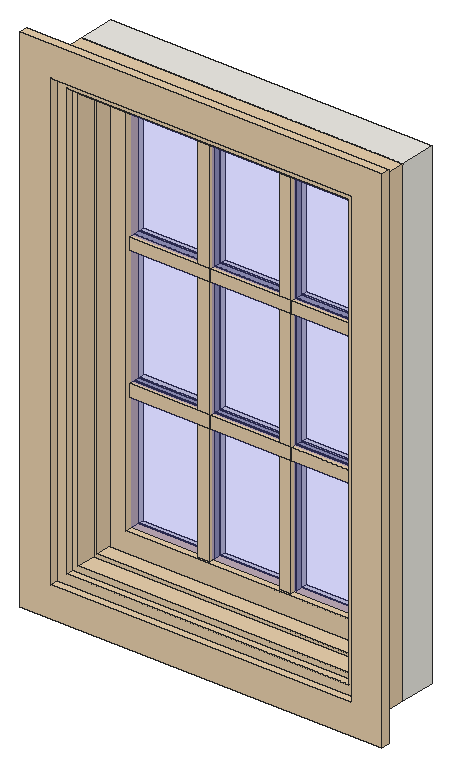
Revit family "Window-Picture-Andersen-A_Series 2", category Windows, host Wall, Revit 2013
Parameters (values of type "71-1/4" x 95-1/4"")
  Visual Light Transmittance = 0.49  # constant formula
  Thermal Resistance (R) = 0.65161  # 3.7000 (h·ft²·°F)/BTU
  TFL = if(Fractional Lights High > 5, 3, if(or(Fractional Lights High = 4, Fractional Lights High = 5), 2, if(or(Fractional Lights High = 2, Fractional Lights High = 3), 1, 1)))  # 3
  TFB = TFL - 1  # 2
  Solar Heat Gain Coefficient = 0.21  # constant formula
  Learn About These Parameters = "http://www.andersenwindows.com/for-professionals/cad-symbols-bim-support-window-doors/bim-support"
  LWide = if(Enter Pattern Number = 3, 3, if(Enter Pattern Number = 1, . . Lights Wide, Fractional Lights Wide))  # 3
  Heat Transfer Coefficient (U) = 1.5331  # 0.2700 BTU/(h·ft²·°F)
  Glazing Material = Glass ‐ Andersen - Low-E4 SmartSun
  Fractional Lights Wide = 7
  Fractional Lights High = 7
  Exterior Unit Finish = Fiberglass - Andersen - White
  Available Grille Bar Sizes = "3/4'', 7/8'', 1 1/8'', 2 1/4''"  # constant formula
  Between Glass Grille Bar Sizes = "3/4'', 1''"  # constant formula
  Interior Casing = yes
  Grille Bar Size = 0' - 0 7/8"
  Enter Pattern Number = 1
  Analytic Construction = "<None>"
  ..Pattern Number 1 = "Colonial"  # constant formula
  . . Lights Wide = 3
  . . Lights High = 3
  ..Pattern Number 2 = "Modified Colonial"  # constant formula
  ..Pattern Number 3 = "Prairie"  # constant formula
  ..Pattern Number 4 = "Short Fractional"  # constant formula
  ..Pattern Number 5 = "Tall Fractional"  # constant formula
  Extension Jamb = yes
  Enter Exterior Trim Number = 0
  ..Exterior Trim Number 0 = "No Exterior Trim"  # constant formula
  ..Exterior Trim Number 1 = "Brick Mould"  # constant formula
  ..Exterior Trim Number 2 = "3 1/2'' Flat Casing"  # constant formula
  ..Exterior Trim Number 3 = "4 1/2'' Flat Casing"  # constant formula
  Interior Grille Bar = yes
  Exterior Grille Bar = yes
  Between Glass Grille Bar = yes
  xjamb Visibility [instance] = and(Wall Depth > 0' 4 9/16", Extension Jamb)  # no
  xjamb S1 [instance] = if(Wall Depth > 0' 4 9/16", Wall Depth - 0' 4 9/16", 0' 3")  # 0' - 3"
  sill nose1 = 0' - 1 13/16"  # constant formula
  sill nose 2 = 0' - 1 15/16"  # constant formula
  casingS2 = if(Enter Exterior Trim Number = 1, 0' 0 3/16", 0' 0 3/16")  # 0' - 0 3/16"
  casingS1 = if(Enter Exterior Trim Number = 1, 0' 0 7/16", 0' 0 3/16")  # 0' - 0 3/16"
  casing4 = if(Enter Exterior Trim Number = 1, 0' 1 3/4", if(Enter Exterior Trim Number = 2, 0' 3 1/4", 0' 4 1/4"))  # 0' - 4 1/4"
  casing3 = 0' - 0 1/2"  # constant formula
  casing2 = 0' - 0 7/8"  # constant formula
  casing1 = 0' - 0 1/4"  # constant formula
  Xjamb 2 = 0' - 0 1/32"
  Xjamb 1 = 0' - 0 23/32"
  Wall Thickness [instance] = 0' - 8"
  Wall Depth [instance] = 0' - 4 9/16"
  Void Offset 2 = if(Enter Exterior Trim Number > 0, 0' 1 15/16", 0' 0")  # 0' - 0"
  Void Offset 1 = if(Enter Exterior Trim Number > 0, casing4, 0' 0")  # 0' - 0"
  Void Depth [instance] = if(Wall Thickness > Wall Depth, 0' 1" + Wall Thickness - Wall Depth, 0' 1")  # 0' - 4 7/16"
  VGB DLO = if(Enter Pattern Number = 3, 0' 4", (H DLO - (Grille Bar Size * (V Bars))) / if(LWide > 2, LWide, 3))  # 0' - 5.20833"
  V Bars = if(Enter Pattern Number = 3, 2, if(LWide > 2, LWide - 1, 2))  # 2
  URL = "www.andersenwindows.com"
  Type Comments = "Fibrex clad wood picture window"
  TS V DLO = Height - HGO - SGO  # 2' - 4 147/256"
  TS V Bar Length = if(or(Enter Pattern Number = 5, Enter Pattern Number = 2), ((((Height - HGO - SGO - (Grille Bar Size * (Fractional Lights High - 1))) / Fractional Lights High)) * TFL) + (TFB * Grille Bar Size), if(Enter Pattern Number = 4, ((Height - HGO - SGO - (Grille Bar Size * (Fractional Lights High - 1))) / Fractional Lights High), Height - HGO - SGO))  # 2' - 4 147/256"
  TS SH DLO = if(or(Enter Pattern Number = 5, Enter Pattern Number = 2), ((((Height - HGO - SGO - (Grille Bar Size * (Fractional Lights High - 1))) / Fractional Lights High)) * TFL) + (TFB * Grille Bar Size) + HGO + (Grille Bar Size / 2), if(Enter Pattern Number = 4, TS V Bar Length + HGO + (Grille Bar Size / 2), (TS V DLO / 2) + HGO))  # 1' - 5.59961"
  TS S V = or(and(LWide = 2, Enter Pattern Number = 1), and(Fractional Lights Wide = 2, or(or(Enter Pattern Number = 2, Enter Pattern Number = 4), Enter Pattern Number = 5)))  # no
  TS S H Craftsman = and(Enter Pattern Number = 2, or(Fractional Lights High = 4, Fractional Lights High = 5))  # no
  TS S H = or(or(or(and(. . Lights High = 2, Enter Pattern Number = 1), and(Enter Pattern Number = 4, Fractional Lights High > 1)), and(Enter Pattern Number = 5, Fractional Lights High > 1)), and(Enter Pattern Number = 2, Fractional Lights High > 1))  # no
  TS M V = LWide > 2  # yes
  TS M H = or(or(Enter Pattern Number = 3, and(. . Lights High > 2, Enter Pattern Number = 1)), and(Enter Pattern Number = 2, Fractional Lights High > 5))  # yes
  TS HGB DLO = if(Enter Pattern Number = 1, if(. . Lights High > 2, ((TS V Bar Length - (Grille Bar Size * (. . Lights High - 1))) / . . Lights High), 0' 4"), if(Enter Pattern Number = 3, 0' 4", if(Fractional Lights High > 2, ((TS V Bar Length - (Grille Bar Size * 2)) / 3), 0' 4")))  # 0' - 8 241/256"
  TS H Bars = if(Enter Pattern Number = 3, 2, if(Enter Pattern Number = 1, if(. . Lights High > 2, . . Lights High - 1, 2), 2))  # 2
  SGO = 0' - 4 29/256"  # constant formula
  Rough Width = Width + (Rough Opening Offset * 2)  # 2' - 0 3/4"
  Rough Opening Offset = 0' - 0 3/8"
  Rough Height = Height + (Rough Opening Offset * 2)  # 3' - 0 3/4"
  Product Documentation Link = "http://www.andersenwindows.com/products/a-series-picture-window/"
  Plan Exterior Mask Visibility [instance] = Plan Exterior Mask 2 > 0' 0 1/32"  # yes
  Plan Exterior Mask 2 [instance] = if(Enter Exterior Trim Number > 0, if(Wall Depth + 0' 1 1/16" + casingS1 > Wall Thickness, 0' 0 1/32", Wall Thickness - Wall Depth - 0' 1 1/16" - casingS1), if(Wall Depth + 0' 1 1/16" > Wall Thickness, 0' 0 1/32", Wall Thickness - Wall Depth - 0' 0 1/16"))  # 0' - 3 3/8"
  Plan Exterior Mask [instance] = if(Enter Exterior Trim Number > 0, 0' 1 1/16" + casingS1, 0' 1 1/16")  # 0' - 1 1/16"
  Nail Fin Visibility = Enter Exterior Trim Number = 0  # yes
  Model = "A-Series Picture Window"  # constant formula
  Masonry Width = if(Enter Exterior Trim Number > 0, Width + ((casing4 + Masonry Opening Offset) * 2), Width + (Masonry Opening Offset * 2))  # 2' - 0 3/4"
  Masonry Opening Offset = 0' - 0 3/8"
  Masonry Height = if(Enter Exterior Trim Number > 0, Height + (casing4 + Masonry Opening Offset) + (sill nose 2 + Masonry Opening Offset), Height + (Masonry Opening Offset * 2))  # 3' - 0 3/4"
  Manufacturer = "Andersen Corporation"  # constant formula
  JGO = 0' - 3 5/16"  # constant formula
  Interior Trim Visibility = Interior Casing  # yes
  Interior Material = Wood - Andersen - Pine
  Interior Casing Size = 0' - 2 1/4"
  Horizontal Craftsman Bar Size = Grille Bar Size  # 0' - 0 7/8"
  Height = 3' - 0"
  HGO = 0' - 3 5/16"  # constant formula
  H DLO = Width - (JGO * 2)  # 1' - 5 3/8"
  Family Version = "01.01.15"  # constant formula
  Exterior Trim Finish = Fibrex Composite - Andersen - White
  Designation = "APW6080"
  Description = "Composite-clad wood picture window"  # constant formula
  Default Sill Height = 6' 10 1/2" - Rough Height  # 3' - 9 3/4"
  Wall Closure = By host
  Width = 2' - 0"
  Coarse Plan [instance] = if(Wall Depth < Wall Thickness, Wall Depth, Wall Thickness)  # 0' - 4 9/16"
  Casing Visibility = Enter Exterior Trim Number > 0  # no
  Between Glass Grille Bar Finish = Stainless Steel - Andersen - Standard
  Bar Center Line = if(Enter Pattern Number = 3, 1, 2)  # 2
  Assembly Code = "B2020100"
Reference planes (in)
  plane 1 "Center (Front/Back)": y = 0
  plane 2: z = 0
  plane 3 "Center (Left/Right)": x = 0
  plane 4 "R Frame": x = -12
  plane 5 "L Frame": x = 12
  plane 6 "B Frame": z = 46.25
  plane 7 "T Frame": z = 82.25
  plane 8 "L Glazing": x = 8.6875
  plane 9 "L Ext Frame": x = 11.375
  plane 10 "L Stop": x = 9.918
  plane 11 "L Xjamb 1": x = 11.28125
  plane 12 "L Casing 1": x = 11.75
  plane 13 "L Xjamb 2": x = 11.96875
  plane 14 "L Rough Opening": x = 12.375
  plane 15 "L Casing 2": x = 15.375
  plane 16 "L Casing 3": x = 15.75
  plane 17 "L Casing 4": x = 16.25
  plane 18 "R Glazing": x = -8.6875
  plane 19 "R Ext Frame": x = -11.375
  plane 20 "R Stop": x = -9.918
  plane 21 "R Xjamb 1": x = -11.28125
  plane 22 "R Casing 1": x = -11.75
  plane 23 "R Xjamb 2": x = -11.96875
  plane 24 "R Rough Opening": x = -12.375
  plane 25 "R Casing 2": x = -15.375
  plane 26 "R Casing 3": x = -15.75
  plane 27 "R Casing 4": x = -16.25
  plane 28 "R Int Casing": x = -13.53125
  plane 29 "T Glazing": z = 78.9375
  plane 30 "T Ext Frame": z = 81.625
  plane 31 "T Xjamb 1": z = 81.53125
  plane 32 "T Casing 1": z = 82
  plane 33 "T Xjamb 2": z = 82.21875
  plane 34 "T Rough Opening": z = 82.625
  plane 35 "T Casing 2": z = 85.625
  plane 36 "T Casing 3": z = 86
  plane 37 "T Casing 4": z = 86.5
  plane 38 "T Int Casing": z = 83.78125
  plane 39 "B Glazing": z = 50.36328
  plane 40 "B Ext Frame": z = 46.875
  plane 41 "B Xjamb 2": z = 46.875
  plane 42 "B Casing 1": z = 46.5
  plane 43 "B Casing 2": z = 44.3125
  plane 44 "B Int Casing": z = 45.3125
  plane 45 "L Int Casing": x = 13.53125
  plane 46 "Casing S1": y = 2.062
  plane 47 "Casing S2": y = 2.062
  plane 48 "Frame S1": y = 1.8745
  plane 49 "Flange": y = 0.5625
  plane 50 "Glass1 S1": y = 0.42381
  plane 51 "Glass1 S2": y = 0.30181
  plane 52 "Glass1 S3": y = -0.21919
  plane 53 "Glass1 S4": y = -0.34119
  plane 54 "Sash1 S2": y = -0.78619
  plane 55 "Frame S2": y = -4
  plane 56 "B Xjamb 1": z = 47.5625
  plane 57 "Exterior Offset": y = 5
  plane 58 "Interior Casing": y = -4.625
  plane 59 "Vertical Bar Length": z = 50.36328
  plane 60 "B Rough Opening": z = 45.875
  plane 61 "R Masonry Opening": x = -16.625
  plane 62 "L Masonry Opening": x = 16.625
  plane 63 "T Masonry Opening": z = 86.875
  plane 64 "B Masonry Opening": z = 43.9375
  plane 65 "Xjamb S1": y = -1
  plane 66 "Sash1 S1": y = 0.80581
  plane 67 "R Sash": x = -11.0171
  plane 68 "L Sash": x = 11.03125
  plane 69 "Stop S1": y = -3.4935
  plane 70 "B Sash": z = 47.2319
  plane 71 "T Sash": z = 81.2671
  plane 72 "T Int Frame": z = 80.818
  plane 73 "B Int Frame": z = 48.275
  plane 74 "L Int Frame": x = 10.5625
  plane 75 "R Int Frame": x = -10.568
  plane 76 "T Stop": z = 80.168
  plane 77 "B Stop": z = 48.925
Forms (in)
  Extrusion 1, void
    sketch origin (0, 0, 0) x (1, 0, 0) y (0, 0, 1)
      loop
        line (12, 82.25) -> (-12, 82.25) -> (-12, 46.25) -> (12, 46.25) -> (12, 82.25)
    from -0.5625 to 4
  Extrusion 2, void
    sketch origin (0, 0, 0) x (1, 0, 0) y (0, 0, 1)
      loop
        line (12, 82.25) -> (-12, 82.25) -> (-12, 46.25) -> (12, 46.25) -> (12, 82.25)
    from -16 to -0.5625
  Extrusion 3, solid, material "Wood - Andersen - Pine" <- "Interior Material", visible <- "xjamb Visibility", detail levels medium+fine
    sketch origin (0, -2.5625, 0) x (-1, 0, 0) y (0, 0, 1)
      loop
        line (11.96875, 82.21875) -> (-11.96875, 82.21875) -> (-11.96875, 46.875) -> (11.96875, 46.875) -> (11.96875, 82.21875)
      loop
        line (11.28125, 81.53125) -> (-11.28125, 81.53125) -> (-11.28125, 47.5625) -> (11.28125, 47.5625) -> (11.28125, 81.53125)
    from 1.5625 to -1.4375
  Extrusion 4, solid, material "Wood - Andersen - Pine" <- "Interior Material", visible <- "Interior Trim Visibility", detail levels fine
    sketch origin (0, -4.625, 0) x (-1, 0, 0) y (0, 0, 1)
      loop
        line (13.53125, 83.78125) -> (-13.53125, 83.78125) -> (-13.53125, 45.3125) -> (13.53125, 45.3125) -> (13.53125, 83.78125)
      loop
        line (11.28125, 81.53125) -> (-11.28125, 81.53125) -> (-11.28125, 47.5625) -> (11.28125, 47.5625) -> (11.28125, 81.53125)
    from 0 to 0.625
  Extrusion 5, solid, material "Fibrex Composite - Andersen - White" <- "Exterior Trim Finish", visible <- "Casing Visibility", detail levels medium+fine
    sketch origin (0, 0, 0) x (0, 1, 0) y (0, 0, 1)
      loop
        line (1.31163, 46.25) -> (0.5625, 46.25) -> (0.5625, 44.3125) -> (2.375, 44.3125) -> (2.375, 46.0625) -> (1.31163, 46.25)
    from -16.25 to 16.25
  Sweep 6, solid, material "Fibrex Composite - Andersen - White" <- "Exterior Trim Finish", visible <- "Casing Visibility", detail levels medium+fine
    path origin (0, 0.5625, 0) x (-1, 0, 0) y (0, 0, 1)
      loop
        line (-16.25, 44.3125) -> (-16.25, 86.5) -> (16.25, 86.5) -> (16.25, 44.3125)
    profile origin (16.25, 0.5625, 65.40625) x (1, 0, 0) y (0, 1, 0)
      loop
        line (-0.875, 1.4995) -> (-4.5, 1.4995) -> (-4.5, 0) -> (0, 0) -> (0, 1.4995) -> (-0.5, 1.4995) -> (-0.875, 1.4995)
  Extrusion 7, solid, material "Fibrex Composite - Andersen - White" <- "Exterior Trim Finish", visible <- "Casing Visibility", detail levels coarse
    sketch origin (0, 0.5625, 0) x (-1, 0, 0) y (0, 0, 1)
      loop
        line (-16.25, 86.5) -> (-16.25, 44.3125) -> (16.25, 44.3125) -> (16.25, 86.5) -> (-16.25, 86.5)
      loop
        line (-11.75, 82) -> (-11.75, 46.25) -> (11.75, 46.25) -> (11.75, 82) -> (-11.75, 82)
    from 0 to 1.4995
  Extrusion 8, solid, material "Wood - Andersen - Pine" <- "Interior Material"
    sketch origin (0, -0.78619, 0) x (-1, 0, 0) y (0, 0, 1)
      loop
        line (11.375, 81.625) -> (-11.375, 81.625) -> (-11.375, 46.875) -> (11.375, 46.875) -> (11.375, 81.625)
      loop
        line (8.6875, 78.9375) -> (-8.6875, 78.9375) -> (-8.6875, 50.36328) -> (8.6875, 50.36328) -> (8.6875, 78.9375)
    from 0 to 1.21
  Extrusion 9, solid, material "Fiberglass - Andersen - White" <- "Exterior Unit Finish"
    sketch origin (0, 80.71747, 0) x (-1, 0, 0) y (0, 0, 1)
      loop
        line (-8.6875, 78.9375) -> (-8.6875, 50.36328) -> (8.6875, 50.36328) -> (8.6875, 78.9375) -> (-8.6875, 78.9375)
      loop
        line (-11.375, 46.875) -> (11.375, 46.875) -> (11.375, 81.625) -> (-11.375, 81.625) -> (-11.375, 46.875)
    from -79.91166 to -80.29366
  Extrusion 10, solid, material "Glass ‐ Andersen - Low-E4 SmartSun" <- "Glazing Material"
    sketch origin (0, -0.34119, 0) x (-1, 0, 0) y (0, 0, 1)
      loop
        line (-8.6875, 78.9375) -> (-8.6875, 50.36328) -> (8.6875, 50.36328) -> (8.6875, 78.9375) -> (-8.6875, 78.9375)
    from 0 to 0.765
  Extrusion 11, solid, material "Fiberglass - Andersen - White" <- "Exterior Unit Finish"
    sketch origin (0, 0, 0) x (1, 0, 0) y (0, 0, 1)
      loop
        line (12, 82.25) -> (-12, 82.25) -> (-12, 46.25) -> (12, 46.25) -> (12, 82.25)
      loop
        line (11.375, 81.625) -> (-11.375, 81.625) -> (-11.375, 46.875) -> (11.375, 46.875) -> (11.375, 81.625)
    from -1.8745 to 0.78619
  Extrusion 12, solid, material "Wood - Andersen - Pine" <- "Interior Material"
    sketch origin (0, 0, 0) x (1, 0, 0) y (0, 0, 1)
      loop
        line (12, 82.25) -> (-12, 82.25) -> (-12, 46.25) -> (12, 46.25) -> (12, 82.25)
      loop
        line (10.5625, 80.818) -> (-10.568, 80.818) -> (-10.568, 48.275) -> (10.5625, 48.275) -> (10.5625, 80.818)
    from 0.78619 to 4
  Extrusion 13, solid, material "Wood - Andersen - Pine" <- "Interior Material", detail levels medium+fine
    sketch origin (0, 0, 0) x (0, 1, 0) y (0, 0, 1)
      loop
        line (-2.0165, 48.925) -> (-2.0165, 48.7) -> (-3.4935, 48.7) -> (-3.4935, 48.275) -> (-0.78619, 48.275) -> (-0.78619, 48.925) -> (-2.0165, 48.925)
    from -10.568 to 10.5625
  Extrusion 14, solid, material "Wood - Andersen - Pine" <- "Interior Material", detail levels medium+fine
    sketch origin (0, 0, 0) x (1, 0, 0) y (0, 1, 0)
      loop
        line (-10.568, -3.4935) -> (-10.143, -3.4935) -> (-10.143, -2.0165) -> (-9.918, -2.0165) -> (-9.918, -0.78619) -> (-10.568, -0.78619) -> (-10.568, -3.4935)
      loop
        line (10.5625, -3.4935) -> (10.5625, -0.78619) -> (9.918, -0.78619) -> (9.918, -2.0165) -> (10.143, -2.0165) -> (10.143, -3.4935) -> (10.5625, -3.4935)
    from 48.275 to 80.818
  Extrusion 15, solid, material "Wood - Andersen - Pine" <- "Interior Material", detail levels medium+fine
    sketch origin (0, 0, 0) x (0, 1, 0) y (0, 0, 1)
      loop
        line (-3.4935, 80.818) -> (-3.4935, 80.393) -> (-2.0165, 80.393) -> (-2.0165, 80.168) -> (-0.78619, 80.168) -> (-0.78619, 80.818) -> (-3.4935, 80.818)
    from -10.568 to 10.5625
Cuts and joins
  joined: Extrusion 5, Sweep 6
  joined: Extrusion 13, Extrusion 14, Extrusion 15
Lines and regions (in)
  Masking region 1, detail levels medium+fine
    outline origin (0, 0, 46.25) x (0, -1, 0) y (1, 0, 0)
      loop
        line (-1.8745, -12) -> (4, -12) -> (4, 12) -> (-1.8745, 12) -> (-1.8745, -12)
  Masking region 2, visible <- "Casing Visibility", detail levels medium+fine
    outline origin (0, 0, 46.25) x (0, -1, 0) y (1, 0, 0)
      loop
        line (-1.8745, -12) -> (-1.8745, 12) -> (-0.5625, 12) -> (-0.5625, 16.25) -> (-2.062, 16.25) -> (-2.062, -16.25) -> (-0.5625, -16.25) -> (-0.5625, -12) -> (-1.8745, -12)
  Masking region 3, visible <- "Nail Fin Visibility", detail levels coarse
    outline origin (0, 0, 46.25) x (0, -1, 0) y (1, 0, 0)
      loop
        line (-5, -12) -> (4, -12) -> (4, 12) -> (-5, 12) -> (-5, -12)
  Masking region 4
    outline origin (0, 0, 0) x (0, 1, 0) y (0, 0, 1)
      loop
        line (1.8745, 82.25) -> (-4, 82.25) -> (-4, 46.84375) -> (-3.34375, 46.84375) -> (-3.34375, 46.25) -> (1.8745, 46.25) -> (1.8745, 82.25)
  Masking region 5, visible <- "Casing Visibility"
    outline origin (0, 0, 0) x (0, 1, 0) y (0, 0, 1)
      loop
        line (1.8745, 46.15075) -> (1.8745, 46.25) -> (0.5625, 46.25) -> (0.5625, 44.3125) -> (2.375, 44.3125) -> (2.375, 46.0625) -> (1.8745, 46.15075)
  Masking region 6, visible <- "Casing Visibility"
    outline origin (0, 0, 0) x (0, 1, 0) y (0, 0, 1)
      loop
        line (1.8745, 82.25) -> (1.8745, 46.15075) -> (2.062, 46.11769) -> (2.062, 86.5) -> (0.5625, 86.5) -> (0.5625, 82.25) -> (1.8745, 82.25)
  Masking region 7, visible <- "Casing Visibility"
    outline origin (0, 1.8745, 0) x (-1, 0, 0) y (0, 0, 1)
      loop
        line (-16.25, 86.5) -> (-16.25, 44.3125) -> (16.25, 44.3125) -> (16.25, 86.5) -> (-16.25, 86.5)
  Masking region 8
    outline origin (0, 1.8745, 0) x (-1, 0, 0) y (0, 0, 1)
      loop
        line (-12, 82.25) -> (-12, 46.25) -> (12, 46.25) -> (12, 82.25) -> (-12, 82.25)
  Masking region 9
    outline origin (0, -4, 0) x (-1, 0, 0) y (0, 0, 1)
      loop
        line (12, 82.25) -> (-12, 82.25) -> (-12, 46.25) -> (12, 46.25) -> (12, 82.25)
  Masking region 10, visible <- "Interior Trim Visibility", detail levels fine
    outline origin (0, -4.625, 0) x (-1, 0, 0) y (0, 0, 1)
      loop
        line (13.53125, 83.78125) -> (-13.53125, 83.78125) -> (-13.53125, 45.3125) -> (13.53125, 45.3125) -> (13.53125, 83.78125)
      loop
        line (11.28125, 81.53125) -> (-11.28125, 81.53125) -> (-11.28125, 47.5625) -> (11.28125, 47.5625) -> (11.28125, 81.53125)
  Masking region 11, visible <- "Casing Visibility", detail levels coarse
    outline origin (0, 0, 46.25) x (0, -1, 0) y (1, 0, 0)
      loop
        line (-5, -16.25) -> (-0.5625, -16.25) -> (-0.5625, -12) -> (4, -12) -> (4, 12) -> (-0.5625, 12) -> (-0.5625, 16.25) -> (-5, 16.25) -> (-5, -16.25)
  Masking region 12, visible <- "xjamb Visibility", detail levels medium+fine
    outline origin (0, 0, 0) x (0, 1, 0) y (0, 0, 1)
      loop
        line (-1, 82.21875) -> (-4, 82.21875) -> (-4, 46.875) -> (-1, 46.875) -> (-1, 82.21875)
  Masking region 13, visible <- "Interior Trim Visibility", detail levels fine
    outline origin (0, 0, 0) x (0, 1, 0) y (0, 0, 1)
      loop
        line (-4, 83.78125) -> (-4.625, 83.78125) -> (-4.625, 45.3125) -> (-4, 45.3125) -> (-4, 83.78125)
  Masking region 14, visible <- "xjamb Visibility", detail levels medium+fine
    outline origin (0, 0, 46.25) x (0, -1, 0) y (1, 0, 0)
      loop
        line (1, -11.96875) -> (4, -11.96875) -> (4, 11.96875) -> (1, 11.96875) -> (1, -11.96875)
  Masking region 15, visible <- "Interior Trim Visibility", detail levels fine
    outline origin (0, 0, 46.25) x (0, -1, 0) y (1, 0, 0)
      loop
        line (4, -13.53125) -> (4.625, -13.53125) -> (4.625, 13.53125) -> (4, 13.53125) -> (4, -13.53125)
  symbolic lines, style "WindowsFrameMullionProjection", visible <- "Casing Visibility", detail levels fine
    curve 1: line (15.75, 2.062, 46.25) -> (15.375, 2.062, 46.25)
    curve 2: line (15.375, 2.062, 46.25) -> (11.75, 2.062, 46.25)
    curve 3: line (11.75, 2.062, 46.25) -> (11.75, 1.8745, 46.25)
    curve 4: line (-15.75, 2.062, 46.25) -> (-15.375, 2.062, 46.25)
    curve 5: line (-15.375, 2.062, 46.25) -> (-11.75, 2.062, 46.25)
    curve 6: line (-11.75, 2.062, 46.25) -> (-11.75, 1.8745, 46.25)
  symbolic lines, style "WindowsGlassProjection", detail levels medium+fine
    curve 7: line (-8.6875, 0.42381, 46.25) -> (8.6875, 0.42381, 46.25)
    curve 10: line (-8.6875, -0.34119, 46.25) -> (8.6875, -0.34119, 46.25)
  symbolic lines, style "WindowsGlassProjection", detail levels fine
    curve 8: line (-8.6875, 0.30181, 46.25) -> (8.6875, 0.30181, 46.25)
    curve 9: line (-8.6875, -0.21919, 46.25) -> (8.6875, -0.21919, 46.25)
    curve 27: line (0, 0.30181, 78.9375) -> (0, 0.30181, 50.36328)
    curve 28: line (0, -0.21919, 78.9375) -> (0, -0.21919, 50.36328)
    curve 67: line (-9.1685, 0.30181, 46.25) -> (-8.6875, 0.30181, 46.25)
    curve 73: line (-8.8385, 0.30181, 46.25) -> (-8.8385, -0.21919, 46.25)
    curve 75: line (-8.6875, -0.21919, 46.25) -> (-9.1685, -0.21919, 46.25)
    curve 95: line (9.1685, 0.30181, 46.25) -> (8.6875, 0.30181, 46.25)
    curve 101: line (8.8385, 0.30181, 46.25) -> (8.8385, -0.21919, 46.25)
    curve 103: line (8.6875, -0.21919, 46.25) -> (9.1685, -0.21919, 46.25)
    curve 114: line (0, 0.30181, 79.4185) -> (0, 0.30181, 78.9365)
    curve 115: line (0, 0.30181, 79.0885) -> (0, -0.21919, 79.0885)
    curve 117: line (0, -0.21919, 78.9365) -> (0, -0.21919, 79.4185)
    curve 147: line (0, 0.30181, 49.8685) -> (0, 0.30181, 50.3625)
    curve 148: line (0, 0.30181, 50.1985) -> (0, -0.21919, 50.1985)
    curve 149: line (0, -0.21919, 50.3625) -> (0, -0.21919, 49.8685)
  symbolic lines, style "WindowsFrameMullionProjection", detail levels medium
    curve 11: line (-11.0171, 0.80581, 46.25) -> (-8.6875, 0.80581, 46.25)
    curve 12: line (-8.6875, 0.80581, 46.25) -> (-8.6875, -0.78619, 46.25)
    curve 13: line (-8.6875, -0.78619, 46.25) -> (-9.918, -0.78619, 46.25)
    curve 14: line (-11.0171, 1.8745, 46.25) -> (-11.0171, 0.80581, 46.25)
    curve 15: line (11.03125, 0.80581, 46.25) -> (8.6875, 0.80581, 46.25)
    curve 16: line (8.6875, 0.80581, 46.25) -> (8.6875, -0.78619, 46.25)
    curve 17: line (8.6875, -0.78619, 46.25) -> (9.918, -0.78619, 46.25)
    curve 18: line (11.03125, 1.8745, 46.25) -> (11.03125, 0.80581, 46.25)
    curve 44: line (9.918, -0.78619, 0) -> (9.918, -3.4935, 0)
    curve 45: line (-9.918, -0.78619, 0) -> (-9.918, -3.4935, 0)
    curve 200: line (-10.568, -3.4935, 0) -> (-10.568, -4, 0)
    curve 201: line (-9.918, -3.4935, 0) -> (-10.568, -3.4935, 0)
    curve 202: line (10.5625, -3.4935, 0) -> (10.5625, -4, 0)
    curve 203: line (9.918, -3.4935, 0) -> (10.5625, -3.4935, 0)
  symbolic lines, style "WindowsFrameMullionProjection", detail levels coarse
    curve 19: line (-9.918, -4, 46.25) -> (-9.918, 5, 46.25)
    curve 20: line (9.918, -4, 46.25) -> (9.918, 5, 46.25)
  symbolic lines, style "WindowsGlassProjection", detail levels coarse
    curve 21: line (-9.918, 0, 46.25) -> (9.918, 0, 46.25)
    curve 22: line (-9.918, 1, 46.25) -> (9.918, 1, 46.25)
  symbolic lines, style "WindowsFrameMullionProjection", visible <- "Casing Visibility"
    curve 23: line (0, 2.062, 86) -> (0, 2.062, 85.625)
    curve 24: line (0, 2.062, 85.625) -> (0, 2.062, 82)
    curve 25: line (0, 2.062, 82) -> (0, 1.8745, 82)
    curve 63: line (0, 2.062, 86.5) -> (0, 0.5625, 86.5)
    curve 64: line (0, 2.062, 44.3125) -> (0, 0.5625, 44.3125)
  symbolic lines, style "WindowsGlassProjection"
    curve 26: line (0, 0.42381, 78.9375) -> (0, 0.42381, 50.36328)
    curve 29: line (0, -0.34119, 78.9375) -> (0, -0.34119, 50.36328)
  symbolic lines, style "WindowsFrameMullionProjection", detail levels medium+fine
    curve 30: line (11.03125, 1.8745, 81.2671) -> (-11.0171, 1.8745, 81.2671)
    curve 31: line (11.03125, 1.8745, 47.2319) -> (11.03125, 1.8745, 81.2671)
    curve 32: line (-11.0171, 1.8745, 47.2319) -> (11.03125, 1.8745, 47.2319)
    curve 33: line (-11.0171, 1.8745, 81.2671) -> (-11.0171, 1.8745, 47.2319)
    curve 38: line (-9.918, -4, 80.168) -> (9.918, -4, 80.168)
    curve 39: line (-9.918, -4, 48.925) -> (-9.918, -4, 80.168)
    curve 40: line (9.918, -4, 48.925) -> (-9.918, -4, 48.925)
    curve 41: line (9.918, -4, 80.168) -> (9.918, -4, 48.925)
    curve 48: line (-10.568, -4, 80.818) -> (10.5625, -4, 80.818)
    curve 49: line (-10.568, -4, 48.275) -> (-10.568, -4, 80.818)
    curve 50: line (10.5625, -4, 48.275) -> (-10.568, -4, 48.275)
    curve 51: line (10.5625, -4, 80.818) -> (10.5625, -4, 48.275)
    curve 80: line (-12, 0.5625, 46.25) -> (-13.625, 0.5625, 46.25)
    curve 108: line (12, 0.5625, 46.25) -> (13.625, 0.5625, 46.25)
  symbolic lines, style "WindowsFrameMullionProjection"
    curve 34: line (8.6875, 0, 78.9375) -> (-8.6875, 0, 78.9375)
    curve 35: line (8.6875, 0, 50.36328) -> (8.6875, 0, 78.9375)
    curve 36: line (-8.6875, 0, 78.9375) -> (-8.6875, 0, 50.36328)
    curve 37: line (-8.6875, 0, 50.36328) -> (8.6875, 0, 50.36328)
    curve 61: line (-12, 0.5625, 46.25) -> (-12, -4, 46.25)
    curve 62: line (12, 0.5625, 46.25) -> (12, -4, 46.25)
    curve 109: line (0, 0.80581, 81.50315) -> (0, 1.87531, 81.625)
    curve 110: line (0, -3.844, 80.818) -> (0, -0.78619, 80.818)
    curve 111: line (0, 0.80581, 79.12991) -> (0, 0.80581, 81.50315)
    curve 112: line (0, 0.47081, 78.9365) -> (0, 0.80581, 79.12991)
    curve 113: line (0, 0.42381, 79.4185) -> (0, 0.42381, 78.9365)
    curve 116: line (0, 0.42381, 78.9365) -> (0, 0.47081, 78.9365)
    curve 118: line (0, 0.42381, 79.4185) -> (0, -0.34119, 79.4185)
    curve 119: line (0, -0.34119, 79.4185) -> (0, -0.34119, 78.9365)
    curve 120: line (0, -0.46768, 78.9365) -> (0, -0.34119, 78.9365)
    curve 121: line (0, -0.78619, 79.25501) -> (0, -0.46768, 78.9365)
    curve 122: line (0, -0.78619, 80.818) -> (0, -0.78619, 79.25501)
    curve 137: line (0, 0.80581, 50.16909) -> (0, 0.47081, 50.3625)
    curve 138: line (0, 0.80581, 46.99685) -> (0, 0.80581, 50.16909)
    curve 139: line (0, 0.80581, 46.99685) -> (0, 1.87531, 46.875)
    curve 140: line (0, 0.5625, 46.25) -> (0, 0.5625, 44.625)
    curve 141: line (0, -0.78619, 50.0625) -> (0, -0.78619, 48.275)
    curve 142: line (0, -0.47401, 50.3625) -> (0, -0.78619, 50.0625)
    curve 143: line (0, -0.34119, 50.3625) -> (0, -0.47401, 50.3625)
    curve 144: line (0, 0.42381, 50.3625) -> (0, 0.42381, 49.8685)
    curve 145: line (0, 0.47081, 50.3625) -> (0, 0.42381, 50.3625)
    curve 146: line (0, 0.42381, 49.8685) -> (0, -0.34119, 49.8685)
    curve 150: line (0, -0.34119, 49.8685) -> (0, -0.34119, 50.3625)
    curve 165: line (0, -0.78619, 48.925) -> (0, -2.0165, 48.925)
    curve 166: line (0, -2.0165, 48.925) -> (0, -2.0165, 48.7)
    curve 167: line (0, -2.0165, 48.7) -> (0, -3.344, 48.7)
    curve 168: line (0, -3.344, 48.7) -> (0, -3.4935, 48.5505)
    curve 169: line (0, -3.4935, 48.5505) -> (0, -3.4935, 48.275)
    curve 170: line (0, -0.78619, 48.275) -> (0, -3.844, 48.275)
    curve 171: line (0, -3.844, 48.275) -> (0, -4, 48.119)
    curve 204: line (0, -2.0165, 80.393) -> (0, -3.3375, 80.393)
    curve 205: line (0, -3.3375, 80.393) -> (0, -3.4935, 80.549)
    curve 206: line (0, -3.4935, 80.549) -> (0, -3.4935, 80.818)
    curve 207: line (0, -3.844, 80.818) -> (0, -4, 80.974)
    curve 208: line (0, -2.0165, 80.168) -> (0, -2.0165, 80.393)
    curve 209: line (0, -0.78619, 80.168) -> (0, -2.0165, 80.168)
  symbolic lines, style "WindowsFrameMullionProjection", visible <- "Casing Visibility", detail levels medium
    curve 42: line (-12, 1.8745, 46.25) -> (-12, 2.062, 46.25)
    curve 43: line (12, 2.062, 46.25) -> (12, 1.8745, 46.25)
  symbolic lines, style "WindowsFrameMullionProjection", visible <- "Nail Fin Visibility"
    curve 46: line (0, 0.5625, 83.875) -> (0, 0.5625, 82.25)
    curve 47: line (0, 0.5625, 46.25) -> (0, 0.5625, 44.625)
  symbolic lines, style "InvisibleLines", detail levels coarse
    curve 52: line (-12, -4, 0) -> (12.02356, -4, 0)
  symbolic lines, style "WindowsFrameMullionProjection", visible <- "xjamb Visibility", detail levels medium+fine
    curve 53: line (0, -1, 81.53125) -> (0, -4, 81.53125)
    curve 55: line (0, -1, 47.5625) -> (0, -4, 47.5625)
    curve 57: line (-11.28125, -1, 46.25) -> (-11.28125, -4, 46.25)
    curve 59: line (11.28125, -1, 46.25) -> (11.28125, -4, 46.25)
  symbolic lines, style "WindowsFrameMullionProjection", visible <- "Interior Trim Visibility", detail levels fine
    curve 54: line (0, -4, 81.53125) -> (0, -4.625, 81.53125)
    curve 56: line (0, -4, 47.5625) -> (0, -4.625, 47.5625)
    curve 58: line (-11.28125, -4, 46.25) -> (-11.28125, -4.625, 46.25)
    curve 60: line (11.28125, -4, 46.25) -> (11.28125, -4.625, 46.25)
  symbolic lines, style "WindowsFrameMullionProjection", visible <- "Nail Fin Visibility", not visible
    curve 65: line (0, 1.5625, 46.25) -> (0, 1.5625, 44.625)
    curve 66: line (0, 1.5625, 83.875) -> (0, 1.5625, 82.25)
  symbolic lines, style "WindowsFrameMullionProjection", detail levels fine
    curve 68: line (-9.1685, 0.42381, 46.25) -> (-8.6865, 0.42381, 46.25)
    curve 69: line (-8.6865, 0.42381, 46.25) -> (-8.6865, 0.47081, 46.25)
    curve 70: line (-8.6865, 0.47081, 46.25) -> (-8.87991, 0.80581, 46.25)
    curve 71: line (-8.87991, 0.80581, 46.25) -> (-11.25315, 0.80581, 46.25)
    curve 72: line (-9.1685, -0.34119, 46.25) -> (-9.1685, 0.42381, 46.25)
    curve 74: line (-9.1685, -0.34119, 46.25) -> (-8.6865, -0.34119, 46.25)
    curve 76: line (-8.6865, -0.46768, 46.25) -> (-8.6865, -0.34119, 46.25)
    curve 77: line (-9.00501, -0.78619, 46.25) -> (-8.6865, -0.46768, 46.25)
    curve 78: line (-10.568, -0.78619, 46.25) -> (-9.00501, -0.78619, 46.25)
    curve 79: line (-11.25315, 0.80581, 46.25) -> (-11.375, 1.87531, 46.25)
    curve 96: line (9.1685, 0.42381, 46.25) -> (8.6865, 0.42381, 46.25)
    curve 97: line (8.6865, 0.42381, 46.25) -> (8.6865, 0.47081, 46.25)
    curve 98: line (8.6865, 0.47081, 46.25) -> (8.87991, 0.80581, 46.25)
    curve 99: line (8.87991, 0.80581, 46.25) -> (11.25315, 0.80581, 46.25)
    curve 100: line (9.1685, -0.34119, 46.25) -> (9.1685, 0.42381, 46.25)
    curve 102: line (9.1685, -0.34119, 46.25) -> (8.6865, -0.34119, 46.25)
    curve 104: line (8.6865, -0.46768, 46.25) -> (8.6865, -0.34119, 46.25)
    curve 105: line (9.00501, -0.78619, 46.25) -> (8.6865, -0.46768, 46.25)
    curve 106: line (10.568, -0.78619, 46.25) -> (9.00501, -0.78619, 46.25)
    curve 107: line (11.25315, 0.80581, 46.25) -> (11.375, 1.87531, 46.25)
    curve 179: line (-10.724, -4, 0) -> (-10.568, -3.844, 0)
    curve 180: line (-10.568, -3.844, 0) -> (-10.568, -0.78619, 0)
    curve 181: line (-10.568, -3.4935, 0) -> (-10.299, -3.4935, 0)
    curve 182: line (-10.299, -3.4935, 0) -> (-10.143, -3.3375, 0)
    curve 183: line (-10.143, -3.3375, 0) -> (-10.143, -2.0165, 0)
    curve 184: line (-10.143, -2.0165, 0) -> (-9.918, -2.0165, 0)
    curve 185: line (-9.918, -2.0165, 0) -> (-9.918, -0.78619, 0)
    curve 193: line (10.724, -4, 0) -> (10.568, -3.844, 0)
    curve 194: line (10.568, -3.844, 0) -> (10.568, -0.78619, 0)
    curve 195: line (10.568, -3.4935, 0) -> (10.299, -3.4935, 0)
    curve 196: line (10.299, -3.4935, 0) -> (10.143, -3.3375, 0)
    curve 197: line (10.143, -3.3375, 0) -> (10.143, -2.0165, 0)
    curve 198: line (10.143, -2.0165, 0) -> (9.918, -2.0165, 0)
    curve 199: line (9.918, -2.0165, 0) -> (9.918, -0.78619, 0)
  symbolic lines, style "WindowsGlassProjection", not visible, detail levels fine
    curve 81: line (-47.93607, 132.70772, 46.25) -> (-47.45507, 132.70772, 46.25)
    curve 87: line (-47.60607, 132.70772, 46.25) -> (-47.60607, 132.18672, 46.25)
    curve 89: line (-47.45507, 132.18672, 46.25) -> (-47.93607, 132.18672, 46.25)
    curve 128: line (0, 1.30181, 79.4185) -> (0, 1.30181, 78.9365)
    curve 129: line (0, 1.30181, 79.0885) -> (0, 0.78081, 79.0885)
    curve 131: line (0, 0.78081, 78.9365) -> (0, 0.78081, 79.4185)
    curve 161: line (0, 1.30181, 49.8685) -> (0, 1.30181, 50.3625)
    curve 162: line (0, 1.30181, 50.1985) -> (0, 0.78081, 50.1985)
    curve 163: line (0, 0.78081, 50.3625) -> (0, 0.78081, 49.8685)
  symbolic lines, style "WindowsFrameMullionProjection", not visible, detail levels fine
    curve 82: line (-47.93607, 132.82972, 46.25) -> (-47.45407, 132.82972, 46.25)
    curve 83: line (-47.45407, 132.82972, 46.25) -> (-47.45407, 132.87672, 46.25)
    curve 84: line (-47.45407, 132.87672, 46.25) -> (-47.64748, 133.21172, 46.25)
    curve 85: line (-47.64748, 133.21172, 46.25) -> (-50.02072, 133.21172, 46.25)
    curve 86: line (-47.93607, 132.06472, 46.25) -> (-47.93607, 132.82972, 46.25)
    curve 88: line (-47.93607, 132.06472, 46.25) -> (-47.45407, 132.06472, 46.25)
    curve 90: line (-47.45407, 131.93823, 46.25) -> (-47.45407, 132.06472, 46.25)
    curve 91: line (-47.77258, 131.61972, 46.25) -> (-47.45407, 131.93823, 46.25)
    curve 92: line (-49.33557, 131.61972, 46.25) -> (-47.77258, 131.61972, 46.25)
    curve 93: line (-50.02072, 133.21172, 46.25) -> (-50.14257, 134.28122, 46.25)
    curve 186: line (-49.49157, 128.40591, 0) -> (-49.33557, 128.56191, 0)
    curve 187: line (-49.33557, 128.56191, 0) -> (-49.33557, 131.61972, 0)
    curve 188: line (-49.33557, 128.91241, 0) -> (-49.06657, 128.91241, 0)
    curve 189: line (-49.06657, 128.91241, 0) -> (-48.91057, 129.06841, 0)
    curve 190: line (-48.91057, 129.06841, 0) -> (-48.91057, 130.38941, 0)
    curve 191: line (-48.91057, 130.38941, 0) -> (-48.68557, 130.38941, 0)
    curve 192: line (-48.68557, 130.38941, 0) -> (-48.68557, 131.61972, 0)
  symbolic lines, style "WindowsFrameMullionProjection", not visible, detail levels medium+fine
    curve 94: line (-50.76757, 132.96841, 46.25) -> (-52.39257, 132.96841, 46.25)
  symbolic lines, style "WindowsFrameMullionProjection", not visible
    curve 123: line (0, 1.80581, 81.50315) -> (0, 2.87531, 81.625)
    curve 124: line (0, -2.844, 80.818) -> (0, 0.21381, 80.818)
    curve 125: line (0, 1.80581, 79.12991) -> (0, 1.80581, 81.50315)
    curve 126: line (0, 1.47081, 78.9365) -> (0, 1.80581, 79.12991)
    curve 127: line (0, 1.42381, 79.4185) -> (0, 1.42381, 78.9365)
    curve 130: line (0, 1.42381, 78.9365) -> (0, 1.47081, 78.9365)
    curve 132: line (0, 1.42381, 79.4185) -> (0, 0.65881, 79.4185)
    curve 133: line (0, 0.65881, 79.4185) -> (0, 0.65881, 78.9365)
    curve 134: line (0, 0.53232, 78.9365) -> (0, 0.65881, 78.9365)
    curve 135: line (0, 0.21381, 79.25501) -> (0, 0.53232, 78.9365)
    curve 136: line (0, 0.21381, 80.818) -> (0, 0.21381, 79.25501)
    curve 151: line (0, 1.80581, 50.16909) -> (0, 1.47081, 50.3625)
    curve 152: line (0, 1.80581, 46.99685) -> (0, 1.80581, 50.16909)
    curve 153: line (0, 1.80581, 46.99685) -> (0, 2.87531, 46.875)
    curve 154: line (0, 1.5625, 46.25) -> (0, 1.5625, 44.625)
    curve 155: line (0, 0.21381, 50.0625) -> (0, 0.21381, 48.275)
    curve 156: line (0, 0.52599, 50.3625) -> (0, 0.21381, 50.0625)
    curve 157: line (0, 0.65881, 50.3625) -> (0, 0.52599, 50.3625)
    curve 158: line (0, 1.42381, 50.3625) -> (0, 1.42381, 49.8685)
    curve 159: line (0, 1.47081, 50.3625) -> (0, 1.42381, 50.3625)
    curve 160: line (0, 1.42381, 49.8685) -> (0, 0.65881, 49.8685)
    curve 164: line (0, 0.65881, 49.8685) -> (0, 0.65881, 50.3625)
    curve 172: line (0, 0.21381, 48.925) -> (0, -1.0165, 48.925)
    curve 173: line (0, -1.0165, 48.925) -> (0, -1.0165, 48.7)
    curve 174: line (0, -1.0165, 48.7) -> (0, -2.344, 48.7)
    curve 175: line (0, -2.344, 48.7) -> (0, -2.4935, 48.5505)
    curve 176: line (0, -2.4935, 48.5505) -> (0, -2.4935, 48.275)
    curve 177: line (0, 0.21381, 48.275) -> (0, -2.844, 48.275)
    curve 178: line (0, -2.844, 48.275) -> (0, -3, 48.119)
    curve 210: line (0, -1.0165, 80.393) -> (0, -2.3375, 80.393)
    curve 211: line (0, -2.3375, 80.393) -> (0, -2.4935, 80.549)
    curve 212: line (0, -2.4935, 80.549) -> (0, -2.4935, 80.818)
    curve 213: line (0, -2.844, 80.818) -> (0, -3, 80.974)
    curve 214: line (0, -1.0165, 80.168) -> (0, -1.0165, 80.393)
    curve 215: line (0, 0.21381, 80.168) -> (0, -1.0165, 80.168)
Text (in)
  text "EXTERIOR" at (-58.6888, 50.90694, 0), in view "Ref. Level"
  text "INTERIOR" at (-58.6888, -37.76638, 0), in view "Ref. Level"
  text "Exterior" at (0, 43.65631, 123.19604), in view "Left"
  text "Exterior" at (0, 18.29385, 125.04747), in view "Right"
Dimensions and locks (in)
  equal spacing: plane 4 "R Frame", plane 3 "Center (Left/Right)", plane 5 "L Frame"
  "Width": plane 4 "R Frame" to plane 5 "L Frame"
  "Height": plane 6 "B Frame" to plane 7 "T Frame"
  locked: plane 48 "Frame S1" to plane 49 "Flange" at 1.312
  locked: plane 49 "Flange" to plane 50 "Glass1 S1" at 0.13869
  locked: plane 49 "Flange" to plane 51 "Glass1 S2" at 0.26069
  locked: plane 49 "Flange" to plane 52 "Glass1 S3" at 0.78169
  locked: plane 49 "Flange" to plane 53 "Glass1 S4" at 0.90369
  locked: plane 49 "Flange" to plane 54 "Sash1 S2" at 1.34869
  "casingS2": plane 47 "Casing S2" to plane 48 "Frame S1"
  "casingS1": plane 46 "Casing S1" to plane 48 "Frame S1"
  "Xjamb 2": plane 33 "T Xjamb 2" to plane 7 "T Frame"
  "casing1": plane 32 "T Casing 1" to plane 7 "T Frame"
  "Xjamb 1": plane 31 "T Xjamb 1" to plane 7 "T Frame"
  locked: plane 30 "T Ext Frame" to plane 7 "T Frame" at 0.625
  "HGO": plane 29 "T Glazing" to plane 7 "T Frame"
  "Rough Opening Offset": plane 7 "T Frame" to plane 34 "T Rough Opening"
  "casing4": plane 7 "T Frame" to plane 37 "T Casing 4"
  locked: plane 6 "B Frame" to plane 41 "B Xjamb 2" at 0.625
  locked: plane 6 "B Frame" to plane 42 "B Casing 1" at 0.25
  locked: plane 6 "B Frame" to plane 56 "B Xjamb 1" at 1.3125
  locked: plane 6 "B Frame" to plane 40 "B Ext Frame" at 0.625
  "SGO": plane 6 "B Frame" to plane 39 "B Glazing"
  "sill nose 2": plane 43 "B Casing 2" to plane 6 "B Frame"
  "casing4": plane 5 "L Frame" to plane 17 "L Casing 4"
  "casing4": plane 27 "R Casing 4" to plane 4 "R Frame"
  "casing3": plane 36 "T Casing 3" to plane 37 "T Casing 4"
  "casing2": plane 35 "T Casing 2" to plane 37 "T Casing 4"
  "casing3": plane 27 "R Casing 4" to plane 26 "R Casing 3"
  "casing2": plane 27 "R Casing 4" to plane 25 "R Casing 2"
  "casing1": plane 4 "R Frame" to plane 22 "R Casing 1"
  "casing1": plane 12 "L Casing 1" to plane 5 "L Frame"
  "casing3": plane 16 "L Casing 3" to plane 17 "L Casing 4"
  "casing2": plane 15 "L Casing 2" to plane 17 "L Casing 4"
  locked: plane 57 "Exterior Offset" to host wall at 1
  "Void Offset 1": plane 7 "T Frame" to Extrusion 2 sketch curve
  "Void Offset 1": Extrusion 2 sketch curve to plane 4 "R Frame"
  "Void Offset 1": plane 5 "L Frame" to Extrusion 2 sketch curve
  "Void Offset 2": Extrusion 2 sketch curve to plane 6 "B Frame"
  "Interior Casing Size": plane 28 "R Int Casing" to plane 21 "R Xjamb 1"
  "Interior Casing Size": plane 11 "L Xjamb 1" to plane 45 "L Int Casing"
  "Interior Casing Size": plane 31 "T Xjamb 1" to plane 38 "T Int Casing"
  "Interior Casing Size": plane 44 "B Int Casing" to plane 56 "B Xjamb 1"
  "Xjamb 1": plane 4 "R Frame" to plane 21 "R Xjamb 1"
  locked: plane 4 "R Frame" to plane 20 "R Stop" at 2.082
  locked: plane 4 "R Frame" to plane 19 "R Ext Frame" at 0.625
  "JGO": plane 4 "R Frame" to plane 18 "R Glazing"
  locked: plane 10 "L Stop" to plane 5 "L Frame" at 2.082
  locked: plane 9 "L Ext Frame" to plane 5 "L Frame" at 0.625
  "JGO": plane 8 "L Glazing" to plane 5 "L Frame"
  "Xjamb 1": plane 11 "L Xjamb 1" to plane 5 "L Frame"
  "Wall Thickness": host wall to host wall
  locked: plane 1 "Center (Front/Back)" to curve 22 at 1
  "sill nose1": Masking region 5 sketch curve to plane 49 "Flange"
  locked: level to plane 7 "T Frame" at 82.25
  "TS SH DLO": nested 2 to plane 7 "T Frame"
  "VGB DLO": nested 3 to plane 8 "L Glazing"
  group 2 to group 1 = 0' - 6.08333"
  group 1 to group 2 = 0' - 0"  (x2)
  "VGB DLO": plane 18 "R Glazing" to nested 5
  group 3 to group 4 = 0' - 0"  (x2)
  group 3 to group 4 = 0' - 9 209/256"
  "TS HGB DLO": nested 6 to plane 29 "T Glazing"
  "TS HGB DLO": plane 59 "Vertical Bar Length" to nested 4
  "TS V Bar Length": plane 59 "Vertical Bar Length" to plane 29 "T Glazing"
  equal spacing: plane 59 "Vertical Bar Length", nested 7, plane 29 "T Glazing"
  "Rough Opening Offset": plane 60 "B Rough Opening" to plane 6 "B Frame"
  "Masonry Opening Offset": plane 61 "R Masonry Opening" to plane 27 "R Casing 4"
  "Masonry Opening Offset": plane 17 "L Casing 4" to plane 62 "L Masonry Opening"
  "Masonry Opening Offset": plane 37 "T Casing 4" to plane 63 "T Masonry Opening"
  "Masonry Opening Offset": plane 64 "B Masonry Opening" to plane 43 "B Casing 2"
  "sill nose1": Extrusion 5 sketch curve to plane 49 "Flange"
  "Void Depth": plane 57 "Exterior Offset" to Extrusion 2
  "Wall Depth": host wall to plane 49 "Flange"
  "Void Depth": plane 57 "Exterior Offset" to Masking region 11 sketch curve  (x2)
  locked: plane 58 "Interior Casing" to host wall at 0.625
  locked: Extrusion 2 to host wall at 12
  "Rough Opening Offset": plane 24 "R Rough Opening" to plane 4 "R Frame"
  "Rough Opening Offset": plane 5 "L Frame" to plane 14 "L Rough Opening"
  "Xjamb 2": plane 13 "L Xjamb 2" to plane 5 "L Frame"
  "Xjamb 2": plane 4 "R Frame" to plane 23 "R Xjamb 2"
  locked: plane 66 "Sash1 S1" to plane 49 "Flange" at 0.24331
  locked: plane 4 "R Frame" to plane 67 "R Sash" at 0.9829
  locked: plane 68 "L Sash" to plane 5 "L Frame" at 0.96875
  locked: plane 49 "Flange" to plane 69 "Stop S1" at 4.056
  locked: plane 6 "B Frame" to plane 70 "B Sash" at 0.9819
  locked: plane 71 "T Sash" to plane 7 "T Frame" at 0.9829
  locked: plane 72 "T Int Frame" to plane 7 "T Frame" at 1.432
  locked: plane 6 "B Frame" to plane 73 "B Int Frame" at 2.025
  locked: plane 74 "L Int Frame" to plane 5 "L Frame" at 1.4375
  locked: plane 4 "R Frame" to plane 75 "R Int Frame" at 1.432
  "xjamb S1": host wall to plane 65 "Xjamb S1"
  locked: plane 76 "T Stop" to plane 7 "T Frame" at 2.082
  locked: plane 6 "B Frame" to plane 77 "B Stop" at 2.675
  locked: Masking region 5 sketch curve to plane 6 "B Frame" at 0.1875
  locked: Extrusion 5 sketch curve to plane 6 "B Frame" at 0.1875
  locked: Extrusion 13 sketch curve to Extrusion 13 sketch curve at 1.23031
  locked: Extrusion 13 sketch curve to Extrusion 13 sketch curve at 1.477
  locked: Extrusion 15 sketch curve to Extrusion 15 sketch curve at 2.70731
  locked: Extrusion 15 sketch curve to Extrusion 15 sketch curve at 0.425
  locked: Extrusion 15 sketch curve to Extrusion 15 sketch curve at 0.65
  locked: Extrusion 14 sketch curve to Extrusion 14 sketch curve at 0.6445
  locked: Extrusion 14 sketch curve to Extrusion 14 sketch curve at 1.23031  (x2)
  locked: Extrusion 14 sketch curve to Extrusion 14 sketch curve at 0.225  (x2)
  locked: Extrusion 14 sketch curve to Extrusion 14 sketch curve at 2.70731  (x2)
  locked: Extrusion 14 sketch curve to Extrusion 14 sketch curve at 0.65
  locked: plane 49 "Flange" to plane 55 "Frame S2" at 4.5625
  locked: Masking region 4 sketch curve to plane 55 "Frame S2" at 0.65625
  locked: plane 6 "B Frame" to Masking region 4 sketch curve at 0.59375
  locked: Extrusion 15 sketch curve to Extrusion 15 sketch curve at 1.23031
  locked: Extrusion 13 sketch curve to Extrusion 13 sketch curve at 0.65
  locked: Extrusion 13 sketch curve to Extrusion 13 sketch curve at 0.425
  locked: Extrusion 13 sketch curve to Extrusion 13 sketch curve at 2.70731
  locked: plane 42 "B Casing 1" to Masking region 5 sketch curve (angle 10.00°)
  locked: plane 42 "B Casing 1" to Masking region 6 sketch curve (angle 10.00°)
  locked: plane 42 "B Casing 1" to Extrusion 5 sketch curve (angle 10.00°)
  aligned and locked: level to plane 2
  aligned and locked: plane 7 "T Frame" to Extrusion 1 sketch curve
  aligned and locked: plane 5 "L Frame" to Extrusion 1 sketch curve
  aligned and locked: Extrusion 1 sketch curve to plane 4 "R Frame"
  aligned and locked: Extrusion 1 sketch curve to plane 6 "B Frame"
  aligned and locked: host wall to Extrusion 1
  aligned and locked: plane 49 "Flange" to Extrusion 1
  aligned and locked: Masking region 1 sketch curve to plane 48 "Frame S1"
  aligned and locked: Masking region 1 sketch curve to plane 4 "R Frame"
  aligned and locked: plane 5 "L Frame" to Masking region 1 sketch curve
  aligned and locked: plane 49 "Flange" to Masking region 2 sketch curve  (x2)
  aligned and locked: plane 4 "R Frame" to Masking region 2 sketch curve
  aligned and locked: plane 48 "Frame S1" to Masking region 2 sketch curve
  aligned and locked: Masking region 2 sketch curve to plane 5 "L Frame"
  aligned and locked: plane 17 "L Casing 4" to Masking region 2 sketch curve
  aligned and locked: Masking region 2 sketch curve to plane 46 "Casing S1"
  aligned and locked: plane 47 "Casing S2" to curve 1
  aligned and locked: plane 12 "L Casing 1" to curve 3
  aligned and locked: plane 48 "Frame S1" to curve 3
  aligned and locked: Masking region 2 sketch curve to plane 27 "R Casing 4"
  aligned and locked: plane 18 "R Glazing" to curve 8
  aligned and locked: plane 8 "L Glazing" to curve 8
  aligned and locked: curve 7 to plane 50 "Glass1 S1"
  aligned and locked: curve 8 to plane 51 "Glass1 S2"
  aligned and locked: curve 9 to plane 52 "Glass1 S3"
  aligned and locked: curve 10 to plane 53 "Glass1 S4"
  aligned and locked: plane 18 "R Glazing" to curve 12
  aligned and locked: plane 48 "Frame S1" to curve 18
  aligned and locked: curve 17 to plane 54 "Sash1 S2"
  aligned and locked: plane 8 "L Glazing" to curve 16
  aligned and locked: Masking region 3 sketch curve to plane 4 "R Frame"
  aligned and locked: plane 5 "L Frame" to Masking region 3 sketch curve
  aligned and locked: Masking region 3 sketch curve to plane 57 "Exterior Offset"
  aligned and locked: plane 57 "Exterior Offset" to curve 19
  aligned and locked: plane 57 "Exterior Offset" to curve 20
  aligned and locked: host wall to curve 21
  aligned and locked: plane 7 "T Frame" to Masking region 4 sketch curve
  aligned and locked: Masking region 4 sketch curve to plane 6 "B Frame"
  aligned and locked: Masking region 4 sketch curve to plane 48 "Frame S1"
  aligned and locked: plane 48 "Frame S1" to Masking region 5 sketch curve
  aligned and locked: Masking region 5 sketch curve to plane 48 "Frame S1"
  aligned and locked: Masking region 5 sketch curve to plane 49 "Flange"
  aligned and locked: Masking region 5 sketch curve to plane 6 "B Frame"
  aligned and locked: plane 43 "B Casing 2" to Masking region 5 sketch curve
  aligned and locked: Masking region 6 sketch curve to plane 48 "Frame S1"
  aligned and locked: plane 46 "Casing S1" to Masking region 6 sketch curve
  aligned and locked: Masking region 6 sketch curve to plane 37 "T Casing 4"
  aligned and locked: Masking region 6 sketch curve to plane 49 "Flange"
  aligned and locked: plane 7 "T Frame" to Masking region 6 sketch curve
  aligned and locked: plane 47 "Casing S2" to curve 23
  aligned and locked: plane 32 "T Casing 1" to curve 25
  aligned and locked: plane 48 "Frame S1" to curve 25
  aligned and locked: plane 29 "T Glazing" to curve 26
  aligned and locked: plane 29 "T Glazing" to curve 27
  aligned and locked: plane 29 "T Glazing" to curve 28
  aligned and locked: plane 29 "T Glazing" to curve 29
  aligned and locked: plane 50 "Glass1 S1" to curve 26
  aligned and locked: plane 51 "Glass1 S2" to curve 27
  aligned and locked: plane 52 "Glass1 S3" to curve 28
  aligned and locked: plane 53 "Glass1 S4" to curve 29
  aligned and locked: plane 37 "T Casing 4" to Masking region 7 sketch curve
  aligned and locked: plane 17 "L Casing 4" to Masking region 7 sketch curve
  aligned and locked: Masking region 7 sketch curve to plane 27 "R Casing 4"
  aligned and locked: Masking region 7 sketch curve to plane 43 "B Casing 2"
  aligned and locked: plane 7 "T Frame" to Masking region 8 sketch curve
  aligned and locked: plane 5 "L Frame" to Masking region 8 sketch curve
  aligned and locked: Masking region 8 sketch curve to plane 4 "R Frame"
  aligned and locked: Masking region 8 sketch curve to plane 6 "B Frame"
  aligned and locked: plane 29 "T Glazing" to curve 34
  aligned and locked: curve 36 to plane 18 "R Glazing"
  aligned and locked: plane 8 "L Glazing" to curve 35
  aligned and locked: curve 37 to plane 39 "B Glazing"
  aligned and locked: plane 7 "T Frame" to Masking region 9 sketch curve
  aligned and locked: Masking region 9 sketch curve to plane 4 "R Frame"
  aligned and locked: plane 5 "L Frame" to Masking region 9 sketch curve
  aligned and locked: Masking region 9 sketch curve to plane 6 "B Frame"
  aligned and locked: plane 31 "T Xjamb 1" to Masking region 10 sketch curve
  aligned and locked: Masking region 10 sketch curve to plane 21 "R Xjamb 1"
  aligned and locked: plane 11 "L Xjamb 1" to Masking region 10 sketch curve
  aligned and locked: Masking region 10 sketch curve to plane 56 "B Xjamb 1"
  aligned and locked: Masking region 10 sketch curve to plane 44 "B Int Casing"
  aligned and locked: plane 45 "L Int Casing" to Masking region 10 sketch curve
  aligned and locked: Masking region 10 sketch curve to plane 28 "R Int Casing"
  aligned and locked: plane 38 "T Int Casing" to Masking region 10 sketch curve
  aligned and locked: plane 5 "L Frame" to curve 43
  aligned and locked: Masking region 3 sketch curve to host wall
  aligned and locked: plane 31 "T Xjamb 1" to Extrusion 3 sketch curve
  aligned and locked: plane 33 "T Xjamb 2" to Extrusion 3 sketch curve
  aligned and locked: Extrusion 3 sketch curve to plane 21 "R Xjamb 1"
  aligned and locked: Extrusion 3 sketch curve to plane 23 "R Xjamb 2"
  aligned and locked: plane 11 "L Xjamb 1" to Extrusion 3 sketch curve
  aligned and locked: plane 13 "L Xjamb 2" to Extrusion 3 sketch curve
  aligned and locked: Extrusion 3 sketch curve to plane 56 "B Xjamb 1"
  aligned and locked: Extrusion 3 sketch curve to plane 41 "B Xjamb 2"
  aligned and locked: plane 31 "T Xjamb 1" to Extrusion 4 sketch curve
  aligned and locked: plane 38 "T Int Casing" to Extrusion 4 sketch curve
  aligned and locked: Extrusion 4 sketch curve to plane 21 "R Xjamb 1"
  aligned and locked: Extrusion 4 sketch curve to plane 28 "R Int Casing"
  aligned and locked: plane 11 "L Xjamb 1" to Extrusion 4 sketch curve
  aligned and locked: plane 45 "L Int Casing" to Extrusion 4 sketch curve
  aligned and locked: Extrusion 4 sketch curve to plane 56 "B Xjamb 1"
  aligned and locked: Extrusion 4 sketch curve to plane 44 "B Int Casing"
  aligned and locked: Extrusion 4 to host wall
  aligned and locked: Extrusion 4 to plane 58 "Interior Casing"
  aligned and locked: plane 43 "B Casing 2" to Extrusion 5 sketch curve
  aligned and locked: plane 43 "B Casing 2" to Sweep 6 sketch curve  (x2)
  aligned and locked: plane 17 "L Casing 4" to Sweep 6 sketch curve  (x2)
  aligned and locked: Sweep 6 sketch curve to plane 27 "R Casing 4"
  aligned and locked: plane 37 "T Casing 4" to Sweep 6 sketch curve
  aligned and locked: plane 16 "L Casing 3" to Sweep 6 sketch curve
  aligned and locked: plane 47 "Casing S2" to Sweep 6 sketch curve
  aligned and locked: Sweep 6 sketch curve to plane 46 "Casing S1"
  aligned and locked: plane 49 "Flange" to Sweep 6 sketch curve
  aligned and locked: Sweep 6 sketch curve to plane 12 "L Casing 1"
  aligned and locked: Sweep 6 sketch curve to plane 47 "Casing S2"
  aligned and locked: plane 15 "L Casing 2" to Sweep 6 sketch curve
  aligned and locked: Extrusion 5 to plane 17 "L Casing 4"
  aligned and locked: plane 27 "R Casing 4" to Extrusion 5
  aligned and locked: plane 32 "T Casing 1" to Extrusion 7 sketch curve
  aligned and locked: plane 37 "T Casing 4" to Extrusion 7 sketch curve
  aligned and locked: plane 12 "L Casing 1" to Extrusion 7 sketch curve
  aligned and locked: plane 17 "L Casing 4" to Extrusion 7 sketch curve
  aligned and locked: Extrusion 7 sketch curve to plane 22 "R Casing 1"
  aligned and locked: Extrusion 7 sketch curve to plane 27 "R Casing 4"
  aligned and locked: Extrusion 7 sketch curve to plane 43 "B Casing 2"
  aligned and locked: plane 46 "Casing S1" to Extrusion 7
  aligned and locked: plane 49 "Flange" to Extrusion 7
  aligned and locked: plane 8 "L Glazing" to Extrusion 8 sketch curve
  aligned and locked: Extrusion 8 sketch curve to plane 18 "R Glazing"
  aligned and locked: plane 29 "T Glazing" to Extrusion 8 sketch curve
  aligned and locked: plane 50 "Glass1 S1" to Extrusion 8
  aligned and locked: Extrusion 8 to plane 54 "Sash1 S2"
  aligned and locked: Extrusion 9 sketch curve to plane 8 "L Glazing"
  aligned and locked: Extrusion 9 sketch curve to plane 29 "T Glazing"
  aligned and locked: plane 18 "R Glazing" to Extrusion 9 sketch curve
  aligned and locked: Extrusion 9 to plane 50 "Glass1 S1"
  aligned and locked: plane 29 "T Glazing" to Extrusion 10 sketch curve
  aligned and locked: plane 8 "L Glazing" to Extrusion 10 sketch curve
  aligned and locked: Extrusion 10 sketch curve to plane 18 "R Glazing"
  aligned and locked: plane 50 "Glass1 S1" to Extrusion 10
  aligned and locked: Extrusion 10 to plane 53 "Glass1 S4"
  aligned and locked: nested 1 to plane 29 "T Glazing"
  aligned and locked: nested 1 to plane 3 "Center (Left/Right)"
  aligned and locked: plane 8 "L Glazing" to nested 2
  aligned and locked: nested 3 to plane 29 "T Glazing"
  aligned and locked: plane 8 "L Glazing" to nested 4
  aligned and locked: nested 5 to plane 29 "T Glazing"
  aligned and locked: plane 8 "L Glazing" to nested 6
  aligned and locked: plane 8 "L Glazing" to nested 7
  aligned and locked: Extrusion 5 sketch curve to plane 49 "Flange"
  aligned and locked: host wall to Masking region 11 sketch curve
  aligned and locked: plane 4 "R Frame" to Masking region 11 sketch curve
  aligned and locked: Masking region 11 sketch curve to plane 5 "L Frame"
  aligned and locked: plane 57 "Exterior Offset" to Masking region 11 sketch curve
  aligned and locked: plane 27 "R Casing 4" to Masking region 11 sketch curve
  aligned and locked: Masking region 11 sketch curve to plane 17 "L Casing 4"
  aligned and locked: plane 39 "B Glazing" to Extrusion 8 sketch curve
  aligned and locked: plane 66 "Sash1 S1" to curve 15
  aligned and locked: plane 66 "Sash1 S1" to Extrusion 9
  aligned and locked: host wall to curve 19
  aligned and locked: plane 7 "T Frame" to Extrusion 11 sketch curve
  aligned and locked: Extrusion 11 sketch curve to plane 4 "R Frame"
  aligned and locked: Extrusion 11 sketch curve to plane 6 "B Frame"
  aligned and locked: plane 5 "L Frame" to Extrusion 11 sketch curve
  aligned and locked: plane 30 "T Ext Frame" to Extrusion 11 sketch curve
  aligned and locked: Extrusion 11 sketch curve to plane 19 "R Ext Frame"
  aligned and locked: plane 9 "L Ext Frame" to Extrusion 11 sketch curve
  aligned and locked: Extrusion 11 sketch curve to plane 40 "B Ext Frame"
  aligned and locked: plane 48 "Frame S1" to Extrusion 11
  aligned and locked: Extrusion 10 sketch curve to plane 39 "B Glazing"
  aligned and locked: plane 39 "B Glazing" to curve 28
  aligned and locked: plane 39 "B Glazing" to curve 27
  aligned and locked: plane 39 "B Glazing" to curve 29
  aligned and locked: plane 39 "B Glazing" to curve 26
  aligned and locked: plane 39 "B Glazing" to Extrusion 9 sketch curve
  aligned and locked: plane 68 "L Sash" to curve 18
  aligned and locked: plane 55 "Frame S2" to Masking region 1 sketch curve
  aligned and locked: plane 55 "Frame S2" to Masking region 4 sketch curve
  aligned and locked: Extrusion 11 to plane 54 "Sash1 S2"
  aligned and locked: plane 72 "T Int Frame" to Extrusion 12 sketch curve
  aligned and locked: plane 74 "L Int Frame" to Extrusion 12 sketch curve
  aligned and locked: Extrusion 12 sketch curve to plane 75 "R Int Frame"
